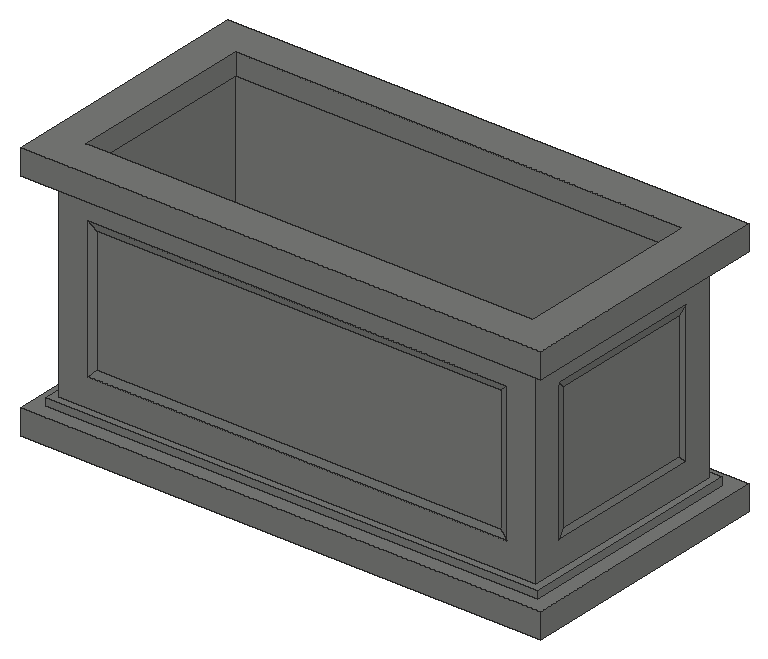
Revit family "Specialty_Equipment-Planter-Planters_Unlimited-Keswick-Rectangular d2-cs1", category Specialty Equipment, Revit 2023
Family settings
  Round Connector Dimension = Use Diameter
  Part Type = Normal
  OmniClass Number = 23.40.05.21.17
  OmniClass Title = Planters
  Work Plane-Based = No
  Enable Cutting in Views = Yes
  Always vertical = Yes
  Cut with Voids When Loaded = No
  Maintain Annotation Orientation = No
  Shared = No
  Room Calculation Point = No
Parameters (values of type "Default - Load Type Catalog")
  CD_Width Min = 18"  # constant formula
  CD_Width Max = 24"  # constant formula
  CD_Width = if(CD_Requested Width < CD_Width Min, CD_Width Min, if(CD_Requested Width > CD_Width Max, CD_Width Max, CD_Requested Width))  # 18"
  CD_Requested Width = 18"
  URL = "https://www.plantersunlimited.com"
  Type Comments = "Rectangular/Square Planter"  # constant formula
  Model = "Keswick Series Planters"  # constant formula
  Material = Plastic-Fiberglass-Carlsbad-Semi_Gloss-Charcoal
  Manufacturer = "Planters Unlimited"  # constant formula
  CD_Requested Length = 36"
  CD_Requested Height = 18"
  Description = "Modular Planting Bed"  # constant formula
  Default Elevation = 0"
  Center Divider = if(CD_Requested Length > 50", 1 = 1, 1 = 0)  # no
  CD_Specification = "https://www.plantersunlimited.com/content/2024-07-10-fg-pu-guide-specifications.pdf"
  CD_Product Page URL = "https://www.plantersunlimited.com/keswick-rectangular-planter-box/"
  CD_Product Name = "Keswick Planter"  # constant formula
  CD_Offset = 0"
  CD_Microsite = ""
  CD_Length Min = 36"  # constant formula
  CD_Length Max = 72"  # constant formula
  CD_Length = if(CD_Requested Length < CD_Length Min, CD_Length Min, if(CD_Requested Length > CD_Length Max, CD_Length Max, CD_Requested Length))  # 36"
  CD_Height Min = 18"  # constant formula
  CD_Height Max = 24"  # constant formula
  CD_Height = if(CD_Requested Height < CD_Height Min, CD_Height Min, if(CD_Requested Height > CD_Height Max, CD_Height Max, CD_Requested Height))  # 18"
  Assembly Code = "G2050600"
Reference planes (in)
  plane 1 "Center (Front/Back)": y = 0
  plane 2 "Bottom": z = 0
  plane 3 "Center (Left/Right)": x = 0
  plane 4 "Back": y = 9
  plane 5 "Front": y = -9
  plane 6 "Left": x = -18
  plane 7 "Right": x = 18
  plane 8 "Top of Bed": z = 1.875
  plane 9 "Left Edge of Trim": x = -17
  plane 10 "Right Edge of Trim": x = 17
  plane 11 "Back Edge of Trim": y = 8
  plane 12 "Front Edge of Trim": y = -8
  plane 13 "Top of Trim": z = 2.375
  plane 14 "Top": z = 18
  plane 15 "Bottom of Second Trim": z = 16.25
  plane 16 "Bottom of Trim": z = 15.75
  plane 17 "Left Edge of Wall West": x = -16.5
  plane 18 "Right Edge of Wall East": x = 16.5
  plane 19 "Right Edge of Wall South": y = -7.5
  plane 20 "Left Edge of Wall North": y = 7.5
  plane 21 "Front Edge Inside": y = -6.5
  plane 22 "Left Edge Inside": x = -15.5
  plane 23 "Right Edge Inside": x = 15.5
  plane 24 "Bottom of Trim Depth": z = 16.5
  plane 25 "Left Edge of Wall South": y = -6.75
  plane 26 "Right Edge of Wall North": y = 6.75
  plane 27 "Back Edge Inside": y = 6.5
  plane 28 "Right Edge of Wall West": x = -15.75
  plane 29 "Left Edge of Wall East": x = 15.75
  plane 30 "Depth of Extrusion South": y = -7.38093
  plane 31 "Depth of Extrusion North": y = 7.38093
  plane 32 "Depth of Extrusion West": x = -16.38093
  plane 33 "Depth of Extrusion East": x = 16.38093
  plane 34 "Top of Pads": z = 0.125
  plane 35 "Center Divider": z = 9.0625
  plane 36 "Top of Divider": z = 13.75
  plane 37 "Bottom of Divider": z = 4.375
  plane 38: z = 0
Forms (in)
  Extrusion 1, solid, material "Plastic-Fiberglass-Carlsbad-Semi_Gloss-Charcoal" <- "Material", detail levels fine
    sketch origin (0, 0, 0) x (1, 0, 0) y (0, 1, 0)
      loop
        line (-18, 9) -> (-18, -9) -> (18, -9) -> (18, 9) -> (-18, 9)
    from 0.125 to 1.875
  Extrusion 2, solid, material "Plastic-Fiberglass-Carlsbad-Semi_Gloss-Charcoal" <- "Material", detail levels medium+fine
    sketch origin (0, 0, 0) x (1, 0, 0) y (0, 1, 0)
      loop
        line (-17, 8) -> (-17, -8) -> (17, -8) -> (17, 8) -> (-17, 8)
    from 1.875 to 2.375
  Extrusion 3, solid, material "Plastic-Fiberglass-Carlsbad-Semi_Gloss-Charcoal" <- "Material", detail levels medium+fine
    sketch origin (0, 0, 22.5) x (0, -1, 0) y (1, 0, 0)
      loop
        line (-9, -18) -> (9, -18) -> (9, 18) -> (-9, 18) -> (-9, -18)
      loop
        line (6.75, -15.75) -> (6.75, 15.75) -> (-6.75, 15.75) -> (-6.75, -15.75) -> (6.75, -15.75)
    from -6.25 to -4.5
  Extrusion 4, solid, material "Plastic-Fiberglass-Carlsbad-Semi_Gloss-Charcoal" <- "Material", detail levels medium+fine
    sketch origin (0, 0, 14) x (0, -1, 0) y (1, 0, 0)
      loop
        line (-8, -17) -> (8, -17) -> (8, 17) -> (-8, 17) -> (-8, -17)
      loop
        line (-6.75, -15.75) -> (6.75, -15.75) -> (6.75, 15.75) -> (-6.75, 15.75) -> (-6.75, -15.75)
    from 1.75 to 2.25
  Extrusion 5, solid, material "Plastic-Fiberglass-Carlsbad-Semi_Gloss-Charcoal" <- "Material", detail levels medium+fine
    sketch origin (0, 0, 0) x (1, 0, 0) y (0, 1, 0)
      loop
        line (-16.5, -6.75) -> (-16.5, -7.5) -> (16.5, -7.5) -> (16.5, -6.75) -> (-16.5, -6.75)
    from 2.375 to 15.75
  Extrusion 6, solid, material "Plastic-Fiberglass-Carlsbad-Semi_Gloss-Charcoal" <- "Material", detail levels medium+fine
    sketch origin (0, 0, 0) x (1, 0, 0) y (0, 1, 0)
      loop
        line (-15.75, -7.5) -> (-15.75, 7.5) -> (-16.5, 7.5) -> (-16.5, -7.5) -> (-15.75, -7.5)
    from 2.375 to 15.75
  Extrusion 7, solid, material "Plastic-Fiberglass-Carlsbad-Semi_Gloss-Charcoal" <- "Material", detail levels medium+fine
    sketch origin (0, 0, 0) x (1, 0, 0) y (0, 1, 0)
      loop
        line (-15.75, 6.75) -> (-15.75, -6.75) -> (15.75, -6.75) -> (15.75, 6.75) -> (-15.75, 6.75)
      loop
        line (-15.5, 6.5) -> (-15.5, -6.5) -> (15.5, -6.5) -> (15.5, 6.5) -> (-15.5, 6.5)
    from 16.5 to 18
  Blend 8, void
    base sketch origin (0, 0, 0) x (1, 0, 0) y (0, 0, 1)
      loop
        line (-14, 13.5) -> (-14, 4.875) -> (14, 4.875) -> (14, 13.5) -> (-14, 13.5)
    top sketch origin (0, 0, 0) x (1, 0, 0) y (0, 0, 1)
      loop
        line (-14.5, 14) -> (-14.5, 4.375) -> (14.5, 4.375) -> (14.5, 14) -> (-14.5, 14)
    from 7.38093 to 7.5
  Extrusion 9, solid, material "Plastic-Fiberglass-Carlsbad-Semi_Gloss-Charcoal" <- "Material", detail levels medium+fine
    sketch origin (0, 0, 0) x (1, 0, 0) y (0, 1, 0)
      loop
        line (-16.5, 6.75) -> (16.5, 6.75) -> (16.5, 7.5) -> (-16.5, 7.5) -> (-16.5, 6.75)
    from 2.375 to 15.75
  Blend 10, void
    base sketch origin (0, 3, 0) x (1, 0, 0) y (0, 0, -1)
      loop
        line (-14, -13.5) -> (14, -13.5) -> (14, -4.75) -> (-14, -4.75) -> (-14, -13.5)
    top sketch origin (0, 3, 0) x (1, 0, 0) y (0, 0, -1)
      loop
        line (-14.5, -14) -> (14.5, -14) -> (14.5, -4.25) -> (-14.5, -4.25) -> (-14.5, -14)
    from 4.38093 to 4.5
  Blend 11, void
    base sketch origin (-15, 0, 0) x (0, -1, 0) y (0, 0, 1)
      loop
        line (-5, 13.5) -> (-5, 4.75) -> (5, 4.75) -> (5, 13.5) -> (-5, 13.5)
    top sketch origin (-15, 0, 0) x (0, -1, 0) y (0, 0, 1)
      loop
        line (-5.5, 14) -> (-5.5, 4.25) -> (5.5, 4.25) -> (5.5, 14) -> (-5.5, 14)
    from 1.38093 to 1.5
  Extrusion 12, solid, material "Plastic-Fiberglass-Carlsbad-Semi_Gloss-Charcoal" <- "Material", detail levels medium+fine
    sketch origin (0, 0, 0) x (-1, 0, 0) y (0, -1, 0)
      loop
        line (-15.75, 7.5) -> (-16.5, 7.5) -> (-16.5, -7.5) -> (-15.75, -7.5) -> (-15.75, 7.5)
    from 2.375 to 15.75
  Blend 13, void
    base sketch origin (15, 0, 0) x (0, -1, 0) y (0, 0, -1)
      loop
        line (-5, -13.5) -> (5, -13.5) -> (5, -4.75) -> (-5, -4.75) -> (-5, -13.5)
    top sketch origin (15, 0, 0) x (0, -1, 0) y (0, 0, -1)
      loop
        line (-5.5, -14) -> (5.5, -14) -> (5.5, -4.25) -> (-5.5, -4.25) -> (-5.5, -14)
    from 1.38093 to 1.5
  Extrusion 14, solid, material "Plastic-Fiberglass-Carlsbad-Semi_Gloss-Charcoal" <- "Material", detail levels fine
    sketch origin (0, 0, 0) x (1, 0, 0) y (0, 1, 0)
      loop
        line (-17, 8) -> (-17, 5) -> (-14, 5) -> (-14, 8) -> (-17, 8)
      loop
        line (-17, -8) -> (-14, -8) -> (-14, -5) -> (-17, -5) -> (-17, -8)
      loop
        line (17, 8) -> (14, 8) -> (14, 5) -> (17, 5) -> (17, 8)
      loop
        line (17, -8) -> (17, -5) -> (14, -5) -> (14, -8) -> (17, -8)
      loop
        line (-6.66667, 8) -> (-6.66667, 5) -> (-3.66667, 5) -> (-3.66667, 8) -> (-6.66667, 8)
      loop
        line (6.66667, 8) -> (3.66667, 8) -> (3.66667, 5) -> (6.66667, 5) -> (6.66667, 8)
      loop
        line (-6.66667, -5) -> (-6.66667, -8) -> (-3.66667, -8) -> (-3.66667, -5) -> (-6.66667, -5)
      loop
        line (6.66667, -5) -> (3.66667, -5) -> (3.66667, -8) -> (6.66667, -8) -> (6.66667, -5)
    from 0 to 0.125
  Extrusion 15, solid, material "Plastic-Fiberglass-Carlsbad-Semi_Gloss-Charcoal" <- "Material", visible <- "Center Divider"
    sketch origin (0, 0, 0) x (1, 0, 0) y (0, 1, 0)
      loop
        line (-0.1171, 6.5) -> (-0.1171, -6.5) -> (0.1171, -6.5) -> (0.1171, 6.5) -> (-0.1171, 6.5)
    from 4.375 to 13.75
  Extrusion 16, solid, material "Plastic-Fiberglass-Carlsbad-Semi_Gloss-Charcoal" <- "Material", detail levels coarse
    sketch origin (0, 0, 0) x (1, 0, 0) y (0, 1, 0)
      loop
        line (-18, 9) -> (-18, -9) -> (18, -9) -> (18, 9) -> (-18, 9)
    from 0 to 2.375
  Extrusion 17, solid, material "Plastic-Fiberglass-Carlsbad-Semi_Gloss-Charcoal" <- "Material", detail levels coarse
    sketch origin (0, 0, 22.5) x (0, -1, 0) y (1, 0, 0)
      loop
        line (-9, -18) -> (9, -18) -> (9, 18) -> (-9, 18) -> (-9, -18)
      loop
        line (6.75, -15.75) -> (6.75, 15.75) -> (-6.75, 15.75) -> (-6.75, -15.75) -> (6.75, -15.75)
    from -6.75 to -4.5
  Extrusion 18, solid, material "Plastic-Fiberglass-Carlsbad-Semi_Gloss-Charcoal" <- "Material", detail levels coarse
    sketch origin (0, 0, 0) x (1, 0, 0) y (0, 1, 0)
      loop
        line (-15.75, 6.75) -> (-15.75, -6.75) -> (15.75, -6.75) -> (15.75, 6.75) -> (-15.75, 6.75)
      loop
        line (-15.5, 6.5) -> (-15.5, -6.5) -> (15.5, -6.5) -> (15.5, 6.5) -> (-15.5, 6.5)
    from 16.5 to 18
  Extrusion 19, solid, material "Plastic-Fiberglass-Carlsbad-Semi_Gloss-Charcoal" <- "Material", detail levels coarse
    sketch origin (0, 0, 0) x (1, 0, 0) y (0, 1, 0)
      loop
        line (-16.5, -6.75) -> (-16.5, -7.5) -> (16.5, -7.5) -> (16.5, -6.75) -> (-16.5, -6.75)
    from 2.375 to 15.75
  Extrusion 20, solid, material "Plastic-Fiberglass-Carlsbad-Semi_Gloss-Charcoal" <- "Material", detail levels coarse
    sketch origin (0, 0, 0) x (1, 0, 0) y (0, 1, 0)
      loop
        line (-15.75, -7.5) -> (-15.75, 7.5) -> (-16.5, 7.5) -> (-16.5, -7.5) -> (-15.75, -7.5)
    from 2.375 to 15.75
  Extrusion 21, solid, material "Plastic-Fiberglass-Carlsbad-Semi_Gloss-Charcoal" <- "Material", detail levels coarse
    sketch origin (0, 0, 0) x (1, 0, 0) y (0, 1, 0)
      loop
        line (-16.5, 6.75) -> (16.5, 6.75) -> (16.5, 7.5) -> (-16.5, 7.5) -> (-16.5, 6.75)
    from 2.375 to 15.75
  Extrusion 22, solid, material "Plastic-Fiberglass-Carlsbad-Semi_Gloss-Charcoal" <- "Material", detail levels coarse
    sketch origin (0, 0, 0) x (-1, 0, 0) y (0, -1, 0)
      loop
        line (-15.75, 7.5) -> (-16.5, 7.5) -> (-16.5, -7.5) -> (-15.75, -7.5) -> (-15.75, 7.5)
    from 2.375 to 15.75
  Extrusion 23, solid, material "Plastic-Fiberglass-Carlsbad-Semi_Gloss-Charcoal" <- "Material", detail levels medium
    sketch origin (0, 0, 0) x (1, 0, 0) y (0, 1, 0)
      loop
        line (-18, 9) -> (-18, -9) -> (18, -9) -> (18, 9) -> (-18, 9)
    from 0 to 1.875
Cuts and joins
  Blend 10, Blend 11, Blend 13 cuts Extrusion 3
  Blend 10, Blend 11, Blend 13 cuts Extrusion 4
  Blend 8, Blend 10, Blend 11, Blend 13 cuts Extrusion 5
  Blend 10, Blend 11, Blend 13 cuts Extrusion 6
  Blend 10, Blend 11, Blend 13 cuts Extrusion 7
  Blend 10, Blend 11, Blend 13 cuts Extrusion 9
  Blend 13 cuts Extrusion 12
  joined: Extrusion 3, Extrusion 4, Extrusion 5, Extrusion 6, Extrusion 7, Extrusion 9, Extrusion 12
  joined: Extrusion 16, Extrusion 17, Extrusion 18, Extrusion 19, Extrusion 20, Extrusion 21, Extrusion 22
Dimensions and locks (in)
  equal spacing: plane 6 "Left", plane 3 "Center (Left/Right)", plane 7 "Right"
  "CD_Length": plane 6 "Left" to plane 7 "Right"
  equal spacing: plane 4 "Back", plane 1 "Center (Front/Back)", plane 5 "Front"
  "CD_Width": plane 5 "Front" to plane 4 "Back"
  locked: plane 8 "Top of Bed" to plane 34 "Top of Pads" at 1.75
  locked: plane 4 "Back" to plane 11 "Back Edge of Trim" at 1
  locked: plane 5 "Front" to plane 12 "Front Edge of Trim" at 1
  locked: plane 6 "Left" to plane 9 "Left Edge of Trim" at 1
  locked: plane 10 "Right Edge of Trim" to plane 7 "Right" at 1
  locked: plane 13 "Top of Trim" to plane 8 "Top of Bed" at 0.5
  locked: plane 14 "Top" to plane 15 "Bottom of Second Trim" at 1.75
  locked: plane 15 "Bottom of Second Trim" to plane 16 "Bottom of Trim" at 0.5
  locked: plane 9 "Left Edge of Trim" to plane 17 "Left Edge of Wall West" at 0.5
  locked: plane 18 "Right Edge of Wall East" to plane 10 "Right Edge of Trim" at 0.5
  locked: plane 11 "Back Edge of Trim" to plane 20 "Left Edge of Wall North" at 0.5
  locked: plane 12 "Front Edge of Trim" to plane 19 "Right Edge of Wall South" at 0.5
  locked: plane 5 "Front" to plane 21 "Front Edge Inside" at 2.5
  locked: plane 6 "Left" to plane 22 "Left Edge Inside" at 2.5
  plane 23 "Right Edge Inside" to plane 7 "Right" = 2 1/2"
  locked: plane 25 "Left Edge of Wall South" to plane 21 "Front Edge Inside" at 0.25
  locked: plane 4 "Back" to plane 27 "Back Edge Inside" at 2.5
  locked: plane 26 "Right Edge of Wall North" to plane 27 "Back Edge Inside" at 0.25
  locked: plane 28 "Right Edge of Wall West" to plane 22 "Left Edge Inside" at 0.25
  locked: plane 23 "Right Edge Inside" to plane 29 "Left Edge of Wall East" at 0.25
  locked: Blend 8 sketch curve to Extrusion 2 at 2
  locked: Blend 8 sketch curve to var sketch at 0.5  (x3)
  locked: var sketch to Blend 8 sketch curve at 0.5
  locked: Blend 10 sketch curve to var sketch at 0.5  (x3)
  locked: var sketch to Blend 10 sketch curve at 0.5
  locked: plane 30 "Depth of Extrusion South" to plane 19 "Right Edge of Wall South" at 0.11907
  locked: plane 20 "Left Edge of Wall North" to plane 31 "Depth of Extrusion North" at 0.11907
  locked: Blend 11 sketch curve to var sketch at 0.5  (x3)
  locked: var sketch to Blend 11 sketch curve at 0.5
  locked: plane 17 "Left Edge of Wall West" to plane 32 "Depth of Extrusion West" at 0.11907
  locked: plane 33 "Depth of Extrusion East" to plane 18 "Right Edge of Wall East" at 0.11907
  locked: Blend 13 sketch curve to var sketch at 0.5  (x3)
  locked: var sketch to Blend 13 sketch curve at 0.5
  equal spacing: Extrusion 14 sketch curve, Extrusion 14 sketch curve, Extrusion 14 sketch curve, Extrusion 14 sketch curve  (x2)
  locked: Extrusion 14 sketch curve to Extrusion 14 sketch curve at 3  (x8)
  locked: cut or joined group 1 (Extrusion 3, Extrusion 4, Extrusion 5, Extrusion 6, Extrusion 7, Blend 8, Extrusion 9, Blend 10, Blend 11, Extrusion 12, Blend 13) to Extrusion 14 sketch curve at 1  (x3)
  locked: Extrusion 14 sketch curve to cut or joined group 1 at 1  (x3)
  locked: plane 34 "Top of Pads" to plane 2 "Bottom" at 0.125
  equal spacing: Extrusion 15 sketch curve, plane 3 "Center (Left/Right)", Extrusion 15 sketch curve
  Extrusion 15 sketch curve to Extrusion 15 sketch curve = 0.23419"
  locked: plane 14 "Top" to plane 24 "Bottom of Trim Depth" at 1.5
  "CD_Height": plane 14 "Top" to plane 2 "Bottom"
  "CD_Offset": plane 2 "Bottom" to level
  locked: plane 37 "Bottom of Divider" to plane 13 "Top of Trim" at 2
  locked: plane 16 "Bottom of Trim" to plane 36 "Top of Divider" at 2
  equal spacing: plane 36 "Top of Divider", plane 35 "Center Divider", plane 37 "Bottom of Divider"
  aligned and locked: Extrusion 1 sketch curve to plane 4 "Back"
  aligned and locked: plane 6 "Left" to Extrusion 1 sketch curve
  aligned and locked: Extrusion 1 sketch curve to plane 5 "Front"
  aligned and locked: plane 7 "Right" to Extrusion 1 sketch curve
  aligned and locked: plane 8 "Top of Bed" to Extrusion 1
  aligned and locked: Extrusion 2 sketch curve to plane 11 "Back Edge of Trim"
  aligned and locked: plane 9 "Left Edge of Trim" to Extrusion 2 sketch curve
  aligned and locked: Extrusion 2 sketch curve to plane 12 "Front Edge of Trim"
  aligned and locked: plane 10 "Right Edge of Trim" to Extrusion 2 sketch curve
  aligned and locked: Extrusion 2 to Extrusion 1
  aligned and locked: plane 13 "Top of Trim" to Extrusion 2
  aligned and locked: plane 14 "Top" to Extrusion 3
  aligned and locked: Extrusion 3 to plane 15 "Bottom of Second Trim"
  aligned and locked: Extrusion 3 to plane 6 "Left"
  aligned and locked: Extrusion 3 to plane 7 "Right"
  aligned and locked: plane 4 "Back" to Extrusion 3
  aligned and locked: plane 5 "Front" to Extrusion 3
  aligned and locked: Extrusion 4 to Extrusion 3  (x2)
  aligned and locked: Extrusion 4 to plane 16 "Bottom of Trim"
  aligned and locked: Extrusion 4 to plane 9 "Left Edge of Trim"
  aligned and locked: Extrusion 4 to plane 10 "Right Edge of Trim"
  aligned and locked: Extrusion 5 sketch curve to plane 19 "Right Edge of Wall South"
  aligned and locked: plane 18 "Right Edge of Wall East" to Extrusion 5 sketch curve
  aligned and locked: plane 17 "Left Edge of Wall West" to Extrusion 5 sketch curve
  aligned and locked: Extrusion 6 to Extrusion 2
  aligned and locked: plane 16 "Bottom of Trim" to Extrusion 6
  aligned and locked: Extrusion 7 to plane 24 "Bottom of Trim Depth"
  aligned and locked: plane 26 "Right Edge of Wall North" to Extrusion 3 sketch curve
  aligned and locked: Extrusion 3 sketch curve to plane 29 "Left Edge of Wall East"
  aligned and locked: Extrusion 3 sketch curve to plane 28 "Right Edge of Wall West"
  aligned and locked: plane 28 "Right Edge of Wall West" to Extrusion 6
  aligned and locked: Extrusion 3 to Extrusion 4
  aligned and locked: plane 29 "Left Edge of Wall East" to Extrusion 3
  aligned and locked: Extrusion 7 to Extrusion 3  (x3)
  aligned and locked: Extrusion 7 sketch curve to plane 27 "Back Edge Inside"
  aligned and locked: plane 22 "Left Edge Inside" to Extrusion 7 sketch curve
  aligned and locked: Extrusion 7 sketch curve to plane 21 "Front Edge Inside"
  aligned and locked: plane 23 "Right Edge Inside" to Extrusion 7 sketch curve
  aligned and locked: Extrusion 9 to plane 17 "Left Edge of Wall West"
  aligned and locked: plane 20 "Left Edge of Wall North" to Extrusion 9
  aligned and locked: Extrusion 9 to plane 18 "Right Edge of Wall East"
  aligned and locked: cut or joined group 1 to plane 18 "Right Edge of Wall East"  (x2)
  aligned and locked: plane 18 "Right Edge of Wall East" to cut or joined group 1  (x2)
  aligned and locked: Blend 11 to plane 17 "Left Edge of Wall West"
  aligned and locked: plane 32 "Depth of Extrusion West" to cut or joined group 1
  aligned and locked: cut or joined group 1 to plane 33 "Depth of Extrusion East"
  aligned and locked: plane 33 "Depth of Extrusion East" to cut or joined group 1
  aligned and locked: Blend 13 to plane 18 "Right Edge of Wall East"
  aligned and locked: cut or joined group 1 to plane 31 "Depth of Extrusion North"
  aligned and locked: plane 31 "Depth of Extrusion North" to cut or joined group 1
  aligned and locked: plane 20 "Left Edge of Wall North" to cut or joined group 1
  aligned and locked: cut or joined group 1 to plane 20 "Left Edge of Wall North"
  aligned and locked: plane 19 "Right Edge of Wall South" to Blend 8
  aligned and locked: plane 30 "Depth of Extrusion South" to Blend 8
  aligned and locked: plane 19 "Right Edge of Wall South" to cut or joined group 1
  aligned and locked: plane 30 "Depth of Extrusion South" to cut or joined group 1
  aligned and locked: plane 14 "Top" to Extrusion 7
  aligned and locked: plane 16 "Bottom of Trim" to Extrusion 12
  aligned and locked: plane 16 "Bottom of Trim" to Extrusion 5
  aligned and locked: plane 16 "Bottom of Trim" to Extrusion 9
  aligned and locked: plane 20 "Left Edge of Wall North" to Blend 10
  aligned and locked: Extrusion 1 to plane 34 "Top of Pads"
  aligned and locked: Extrusion 14 to Extrusion 1
  aligned and locked: Extrusion 5 to Extrusion 2
  aligned and locked: Extrusion 6 to Extrusion 4
  aligned and locked: plane 19 "Right Edge of Wall South" to Extrusion 6
  aligned and locked: plane 20 "Left Edge of Wall North" to Extrusion 6
  aligned and locked: Extrusion 6 to plane 13 "Top of Trim"
  aligned and locked: Extrusion 9 to Extrusion 2
  aligned and locked: Extrusion 12 to Extrusion 2
  aligned and locked: plane 36 "Top of Divider" to Extrusion 15
  aligned and locked: plane 37 "Bottom of Divider" to Extrusion 15
  aligned and locked: Extrusion 15 to plane 37 "Bottom of Divider"  (x2)
  aligned and locked: Extrusion 15 to plane 36 "Top of Divider"  (x2)
  aligned and locked: Extrusion 16 to Extrusion 2
  aligned and locked: Extrusion 16 to plane 6 "Left"
  aligned and locked: Extrusion 16 to plane 7 "Right"
  aligned and locked: plane 4 "Back" to Extrusion 16
  aligned and locked: plane 5 "Front" to Extrusion 16
  aligned and locked: Extrusion 18 to Extrusion 17  (x3)
  aligned and locked: Extrusion 17 to plane 16 "Bottom of Trim"
  aligned and locked: plane 14 "Top" to Extrusion 17
  aligned and locked: Extrusion 17 to plane 7 "Right"
  aligned and locked: plane 29 "Left Edge of Wall East" to Extrusion 17
  aligned and locked: Extrusion 17 to plane 6 "Left"
  aligned and locked: plane 28 "Right Edge of Wall West" to Extrusion 17
  aligned and locked: plane 4 "Back" to Extrusion 17
  aligned and locked: Extrusion 17 to plane 26 "Right Edge of Wall North"
  aligned and locked: Extrusion 17 to plane 25 "Left Edge of Wall South"
  aligned and locked: plane 5 "Front" to Extrusion 17
  aligned and locked: plane 23 "Right Edge Inside" to Extrusion 18
  aligned and locked: Extrusion 18 to plane 29 "Left Edge of Wall East"
  aligned and locked: Extrusion 18 to plane 27 "Back Edge Inside"
  aligned and locked: plane 26 "Right Edge of Wall North" to Extrusion 18
  aligned and locked: Extrusion 18 to plane 21 "Front Edge Inside"
  aligned and locked: plane 25 "Left Edge of Wall South" to Extrusion 18
  aligned and locked: Extrusion 18 to plane 28 "Right Edge of Wall West"
  aligned and locked: plane 22 "Left Edge Inside" to Extrusion 18
  aligned and locked: Extrusion 18 to plane 24 "Bottom of Trim Depth"
  aligned and locked: plane 14 "Top" to Extrusion 18
  aligned and locked: Extrusion 17 to cut or joined group 1  (x2)
  aligned and locked: Extrusion 22 to plane 13 "Top of Trim"
  aligned and locked: plane 16 "Bottom of Trim" to Extrusion 22
  aligned and locked: Extrusion 20 to plane 13 "Top of Trim"
  aligned and locked: plane 16 "Bottom of Trim" to Extrusion 20
  aligned and locked: plane 16 "Bottom of Trim" to Extrusion 19
  aligned and locked: Extrusion 22 to Extrusion 16
  aligned and locked: Extrusion 21 to plane 13 "Top of Trim"
  aligned and locked: Extrusion 21 to plane 17 "Left Edge of Wall West"
  aligned and locked: Extrusion 21 to plane 18 "Right Edge of Wall East"
  aligned and locked: plane 19 "Right Edge of Wall South" to cut or joined group of Extrusion 16, Extrusion 17, Extrusion 18, Extrusion 19, Extrusion 20, Extrusion 21, Extrusion 22
  aligned and locked: cut or joined group of Extrusion 16, Extrusion 17, Extrusion 18, Extrusion 19, Extrusion 20, Extrusion 21, Extrusion 22 to plane 17 "Left Edge of Wall West"
  aligned and locked: plane 20 "Left Edge of Wall North" to cut or joined group of Extrusion 16, Extrusion 17, Extrusion 18, Extrusion 19, Extrusion 20, Extrusion 21, Extrusion 22
  aligned and locked: cut or joined group of Extrusion 16, Extrusion 17, Extrusion 18, Extrusion 19, Extrusion 20, Extrusion 21, Extrusion 22 to plane 18 "Right Edge of Wall East"
  aligned and locked: plane 16 "Bottom of Trim" to Extrusion 21
  aligned and locked: Extrusion 23 to Extrusion 1
  aligned and locked: Extrusion 23 to plane 6 "Left"
  aligned and locked: Extrusion 23 to plane 7 "Right"
  aligned and locked: plane 5 "Front" to Extrusion 23
  aligned and locked: plane 4 "Back" to Extrusion 23
  aligned and locked: Extrusion 14 to plane 2 "Bottom"
  aligned and locked: Extrusion 23 to plane 2 "Bottom"
  aligned and locked: Extrusion 16 to plane 2 "Bottom"
  aligned and locked: plane 21 "Front Edge Inside" to Extrusion 15  (x6)
  aligned and locked: plane 27 "Back Edge Inside" to Extrusion 15  (x6)
  aligned and locked: Extrusion 19 to plane 13 "Top of Trim"
Automatic sketch dimensions
  Extrusion 3 sketch curve to plane 4 "Back" = 0"
  plane 25 "Left Edge of Wall South" to Extrusion 3 sketch curve = 0"
  plane 5 "Front" to Extrusion 3 sketch curve = 0"
  Extrusion 3 sketch curve to plane 6 "Left" = 0"
  Extrusion 3 sketch curve to plane 7 "Right" = 0"
  Extrusion 4 sketch curve to plane 10 "Right Edge of Trim" = 0"
  Extrusion 4 sketch curve to plane 11 "Back Edge of Trim" = 0"
  Extrusion 4 sketch curve to plane 26 "Right Edge of Wall North" = 0"
  plane 25 "Left Edge of Wall South" to Extrusion 4 sketch curve = 0"
  plane 12 "Front Edge of Trim" to Extrusion 4 sketch curve = 0"
  Extrusion 4 sketch curve to plane 9 "Left Edge of Trim" = 0"
  Extrusion 4 sketch curve to plane 28 "Right Edge of Wall West" = 0"
  Extrusion 4 sketch curve to plane 29 "Left Edge of Wall East" = 0"
  plane 25 "Left Edge of Wall South" to Extrusion 5 sketch curve = 0"
  Extrusion 6 sketch curve to plane 17 "Left Edge of Wall West" = 0"
  Extrusion 6 sketch curve to plane 20 "Left Edge of Wall North" = 0"
  Extrusion 6 sketch curve to plane 28 "Right Edge of Wall West" = 0"
  plane 19 "Right Edge of Wall South" to Extrusion 6 sketch curve = 0"
  plane 25 "Left Edge of Wall South" to Extrusion 7 sketch curve = 0"
  Extrusion 7 sketch curve to plane 28 "Right Edge of Wall West" = 0"
  Extrusion 7 sketch curve to plane 26 "Right Edge of Wall North" = 0"
  Extrusion 7 sketch curve to plane 29 "Left Edge of Wall East" = 0"
  plane 22 "Left Edge Inside" to Blend 8 sketch curve = 1"
  plane 23 "Right Edge Inside" to Blend 8 sketch curve = 1"
  plane 36 "Top of Divider" to Blend 8 sketch curve = 1/4"
  Extrusion 9 sketch curve to plane 17 "Left Edge of Wall West" = 0"
  Extrusion 9 sketch curve to plane 18 "Right Edge of Wall East" = 0"
  Extrusion 9 sketch curve to plane 26 "Right Edge of Wall North" = 0"
  Extrusion 9 sketch curve to plane 20 "Left Edge of Wall North" = 0"
  plane 37 "Bottom of Divider" to Blend 10 sketch curve = 1/8"
  plane 22 "Left Edge Inside" to Blend 10 sketch curve = 1"
  plane 23 "Right Edge Inside" to Blend 10 sketch curve = 1"
  plane 36 "Top of Divider" to Blend 10 sketch curve = 1/4"
  plane 37 "Bottom of Divider" to Blend 11 sketch curve = 1/8"
  Blend 11 sketch curve to plane 27 "Back Edge Inside" = 1"
  Blend 11 sketch curve to plane 21 "Front Edge Inside" = 1"
  plane 36 "Top of Divider" to Blend 11 sketch curve = 1/4"
  Extrusion 12 sketch curve to plane 18 "Right Edge of Wall East" = 0"
  Extrusion 12 sketch curve to plane 20 "Left Edge of Wall North" = 0"
  Extrusion 12 sketch curve to plane 29 "Left Edge of Wall East" = 0"
  plane 19 "Right Edge of Wall South" to Extrusion 12 sketch curve = 0"
  plane 37 "Bottom of Divider" to Blend 13 sketch curve = 1/8"
  Blend 13 sketch curve to plane 27 "Back Edge Inside" = 1"
  Blend 13 sketch curve to plane 21 "Front Edge Inside" = 1"
  plane 36 "Top of Divider" to Blend 13 sketch curve = 1/4"
  plane 12 "Front Edge of Trim" to Extrusion 14 sketch curve = 0"  (x3)
  Extrusion 14 sketch curve to plane 11 "Back Edge of Trim" = 0"  (x3)
  Extrusion 14 sketch curve to plane 21 "Front Edge Inside" = 1 1/2"  (x4)
  Extrusion 14 sketch curve to plane 27 "Back Edge Inside" = 1 1/2"  (x4)
  plane 21 "Front Edge Inside" to Extrusion 15 sketch curve = 0"
  plane 27 "Back Edge Inside" to Extrusion 15 sketch curve = 0"
  plane 5 "Front" to Extrusion 16 sketch curve = 0"
  Extrusion 16 sketch curve to plane 6 "Left" = 0"
  Extrusion 16 sketch curve to plane 7 "Right" = 0"
  Extrusion 16 sketch curve to plane 4 "Back" = 0"
  Extrusion 17 sketch curve to plane 4 "Back" = 0"
  Extrusion 17 sketch curve to plane 26 "Right Edge of Wall North" = 0"
  Extrusion 17 sketch curve to plane 25 "Left Edge of Wall South" = 0"
  plane 5 "Front" to Extrusion 17 sketch curve = 0"
  Extrusion 17 sketch curve to plane 6 "Left" = 0"
  plane 28 "Right Edge of Wall West" to Extrusion 17 sketch curve = 0"
  Extrusion 17 sketch curve to plane 29 "Left Edge of Wall East" = 0"
  Extrusion 17 sketch curve to plane 7 "Right" = 0"
  plane 25 "Left Edge of Wall South" to Extrusion 18 sketch curve = 0"
  Extrusion 18 sketch curve to plane 28 "Right Edge of Wall West" = 0"
  Extrusion 18 sketch curve to plane 22 "Left Edge Inside" = 0"
  Extrusion 18 sketch curve to plane 23 "Right Edge Inside" = 0"
  Extrusion 18 sketch curve to plane 26 "Right Edge of Wall North" = 0"
  Extrusion 18 sketch curve to plane 29 "Left Edge of Wall East" = 0"
  plane 21 "Front Edge Inside" to Extrusion 18 sketch curve = 0"
  Extrusion 18 sketch curve to plane 27 "Back Edge Inside" = 0"
  Extrusion 19 sketch curve to plane 17 "Left Edge of Wall West" = 0"
  Extrusion 19 sketch curve to plane 18 "Right Edge of Wall East" = 0"
  plane 19 "Right Edge of Wall South" to Extrusion 19 sketch curve = 0"
  plane 25 "Left Edge of Wall South" to Extrusion 19 sketch curve = 0"
  Extrusion 20 sketch curve to plane 17 "Left Edge of Wall West" = 0"
  Extrusion 20 sketch curve to plane 20 "Left Edge of Wall North" = 0"
  Extrusion 20 sketch curve to plane 28 "Right Edge of Wall West" = 0"
  plane 19 "Right Edge of Wall South" to Extrusion 20 sketch curve = 0"
  Extrusion 21 sketch curve to plane 17 "Left Edge of Wall West" = 0"
  Extrusion 21 sketch curve to plane 18 "Right Edge of Wall East" = 0"
  Extrusion 21 sketch curve to plane 26 "Right Edge of Wall North" = 0"
  Extrusion 21 sketch curve to plane 20 "Left Edge of Wall North" = 0"
  Extrusion 22 sketch curve to plane 18 "Right Edge of Wall East" = 0"
  Extrusion 22 sketch curve to plane 20 "Left Edge of Wall North" = 0"
  Extrusion 22 sketch curve to plane 29 "Left Edge of Wall East" = 0"
  plane 19 "Right Edge of Wall South" to Extrusion 22 sketch curve = 0"
  plane 5 "Front" to Extrusion 23 sketch curve = 0"
  Extrusion 23 sketch curve to plane 6 "Left" = 0"
  Extrusion 23 sketch curve to plane 7 "Right" = 0"
  plane 4 "Back" to Extrusion 23 sketch curve = 0"
